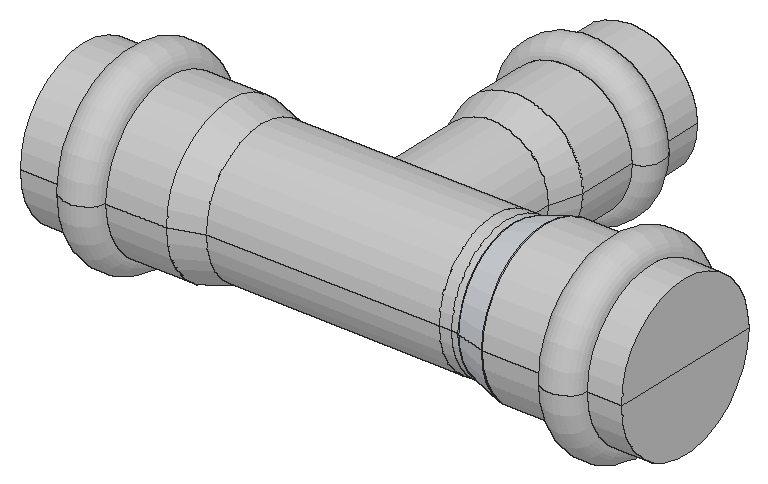
Revit family "VTi.931.I_Фитинг_пресс-тройник_Нерж_VALTEC", category Соединительные детали трубопроводов, Revit 2023
Family settings
  Размер круглого соединителя = Использовать диаметр
  Тип детали = Тройник
  На основе рабочей плоскости = Нет
  Всегда вертикально = Да
  При загрузке вырезать с полостями = Нет
  Общий = Нет
Parameters
  Отметка по умолчанию = 0.00 mm
  l9 [instance] = size_lookup(LT, "l9", 10.12 mm, dn1, dn2, dn3)  # 9.70 mm
  l8 [instance] = size_lookup(LT, "l8", 3.85 mm, dn1, dn2, dn3)  # 5.00 mm
  l7 [instance] = size_lookup(LT, "l7", 2.97 mm, dn1, dn2, dn3)  # 1.10 mm
  l6 [instance] = size_lookup(LT, "l6", 2.00 mm, dn1, dn2, dn3)  # 2.00 mm
  l5 [instance] = size_lookup(LT, "l5", 18.00 mm, dn1, dn2, dn3)  # 37.00 mm
  l4 [instance] = size_lookup(LT, "l4", 3.85 mm, dn1, dn2, dn3)  # 5.00 mm
  l3 [instance] = size_lookup(LT, "l3", 10.12 mm, dn1, dn2, dn3)  # 9.70 mm
  l2 [instance] = size_lookup(LT, "l2", 6.50 mm, dn1, dn2, dn3)  # 7.00 mm
  l14 [instance] = size_lookup(LT, "l14", 5.00 mm, dn1, dn2, dn3)  # 5.00 mm
  l13 [instance] = size_lookup(LT, "l13", 9.20 mm, dn1, dn2, dn3)  # 9.70 mm
  l12 [instance] = size_lookup(LT, "l12", 8.00 mm, dn1, dn2, dn3)  # 6.00 mm
  l11 [instance] = size_lookup(LT, "l11", 6.00 mm, dn1, dn2, dn3)  # 7.00 mm
  l10 [instance] = size_lookup(LT, "l10", 6.50 mm, dn1, dn2, dn3)  # 7.00 mm
  l1 [instance] = size_lookup(LT, "l1", 6.75 mm, dn1, dn2, dn3)  # 6.50 mm
  h_выступа_3 [instance] = size_lookup(LT, "h_выступа_3", 2.50 mm, dn1, dn2, dn3)  # 2.50 mm
  h_выступа_2 [instance] = size_lookup(LT, "h_выступа_2", 2.50 mm, dn1, dn2, dn3)  # 2.90 mm
  h_выступа_1 [instance] = size_lookup(LT, "h_выступа_1", 2.50 mm, dn1, dn2, dn3)  # 2.90 mm
  dn3 [instance] = 18 mm
  dn2 [instance] = 22 mm
  dn1 [instance] = 22 mm
  d6 [instance] = size_lookup(LT, "d6", 12.40 mm, dn1, dn2, dn3)  # 18.00 mm
  d5 [instance] = size_lookup(LT, "d5", 14.90 mm, dn1, dn2, dn3)  # 22.00 mm
  d4 [instance] = size_lookup(LT, "d4", 14.90 mm, dn1, dn2, dn3)  # 22.00 mm
  d3 [instance] = size_lookup(LT, "d3", 14.70 mm, dn1, dn2, dn3)  # 21.00 mm
  d2 [instance] = size_lookup(LT, "d2", 17.70 mm, dn1, dn2, dn3)  # 25.20 mm
  d1 [instance] = size_lookup(LT, "d1", 17.70 mm, dn1, dn2, dn3)  # 25.20 mm
  LT = "VTi.931.I_Фитинг_пресс-тройник_Нерж_VALTEC"  # constant formula
  L2 [instance] = size_lookup(LT, "L2", 38.00 mm, dn1, dn2, dn3)  # 49.00 mm
  L1 [instance] = size_lookup(LT, "L1", 77.40 mm, dn1, dn2, dn3)  # 95.50 mm
  ADSK_Примечание [instance] = ""
  ADSK_Позиция [instance] = ""
  ADSK_Обозначение [instance] = ADSK_Марка  # "VTi.931.I.221822"
  ADSK_Наименование [instance] = size_lookup(LT, "", "Типоразмер не найден", dn1, dn2, dn3)  # "Фитинг из нержавеющей стали -  пресс-тройник 22х18х22 мм"
  ADSK_Материал = Сталь, нержавеющая - VALTEC
  ADSK_Масса [instance] = size_lookup(LT, "ADSK_Масса", 0, dn1, dn2, dn3)  # 0.108
  ADSK_Марка [instance] = size_lookup(LT, "ADSK_Марка", "Типоразмер не найден", dn1, dn2, dn3)  # "VTi.931.I.221822"
  ADSK_Количество = 1  # constant formula
  ADSK_Код изделия [instance] = "VTi.931.I"  # constant formula
  ADSK_Завод-изготовитель [instance] = "VALTEC"  # constant formula
  ADSK_Единица измерения = "шт."  # constant formula
Reference planes
  plane 1 "По центру (Вперед/Назад)": y = 0
  plane 2: z = 0
  plane 3 "По центру (Влево/Вправо)": x = 0
  plane 4: y = 12.6
  plane 5: y = -12.6
  plane 6: x = -47.75
  plane 7: x = 47.75
  plane 8: x = -41.25
  plane 9: x = -34.25
  plane 10: x = -24.55
  plane 11: x = -19.55
  plane 12: x = 17.45
  plane 13: x = 19.45
  plane 14: x = 20.55
  plane 15: x = 25.55
  plane 16: x = 35.25
  plane 17: x = 42.25
  plane 18: y = 49
  plane 19: y = 42
  plane 20: y = 36
  plane 21: y = 26.3
  plane 22: y = 21.3
  plane 23: y = 12.6
  plane 24: y = -12.6
  plane 25: x = -10.5
  plane 26: x = 10.5
Forms (mm)
  Revolve 1, solid, material "Сталь, нержавеющая - VALTEC" <- "ADSK_Материал"
    sketch origin (0, 0, 0) x (1, 0, 0) y (0, 1, 0)
      loop
        line (-47.75, 0) -> (-24.55, 0) -> (-24.55, 12.6) -> (-34.25, 12.6)
        spline (-34.25, 12.6) -> (-34.369, 13.351) -> (-34.719, 14.05) -> (-35.275, 14.651) -> (-36, 15.111) -> (-36.844, 15.401) -> (-37.75, 15.5) -> (-38.656, 15.401) -> (-39.5, 15.111) -> (-40.225, 14.651) -> (-40.781, 14.05) -> (-41.131, 13.351) -> (-41.25, 12.6)
        line (-41.25, 12.6) -> (-47.75, 12.6) -> (-47.75, 0)
      axis (-47.75, 0) -> (-24.55, 0)
    angle from 0 to 360
  Revolve 2, solid, material "Сталь, нержавеющая - VALTEC" <- "ADSK_Материал"
    sketch origin (0, 0, 0) x (1, 0, 0) y (0, 1, 0)
      loop
        line (47.75, 0) -> (47.75, 12.6) -> (42.25, 12.6)
        spline (42.25, 12.6) -> (42.131, 13.351) -> (41.781, 14.05) -> (41.225, 14.651) -> (40.5, 15.111) -> (39.656, 15.401) -> (38.75, 15.5) -> (37.844, 15.401) -> (37, 15.111) -> (36.275, 14.651) -> (35.719, 14.05) -> (35.369, 13.351) -> (35.25, 12.6)
        line (35.25, 12.6) -> (25.55, 12.6) -> (25.55, 0) -> (47.75, 0)
      axis (25.55, 0) -> (47.75, 0)
    angle from 0 to 360
  Revolve 3, solid, material "Сталь, нержавеющая - VALTEC" <- "ADSK_Материал"
    sketch origin (0, 0, 0) x (1, 0, 0) y (0, 1, 0)
      loop
        line (0, 49) -> (-10.5, 49) -> (-10.5, 42)
        spline (-10.5, 42) -> (-11.147, 41.898) -> (-11.75, 41.598) -> (-12.268, 41.121) -> (-12.665, 40.5) -> (-12.915, 39.776) -> (-13, 39) -> (-12.915, 38.224) -> (-12.665, 37.5) -> (-12.268, 36.879) -> (-11.75, 36.402) -> (-11.147, 36.102) -> (-10.5, 36)
        line (-10.5, 36) -> (-10.5, 26.3) -> (0, 26.3) -> (0, 49)
      axis (0, 49) -> (0, 26.3)
    angle from 0 to 360
  SweptBlend 4, solid, material "Сталь, нержавеющая - VALTEC" <- "ADSK_Материал"
    path in 3D
      loop
        line (-24.55, 0, 0) -> (-19.55, 0, 0)
    profile origin (-24.55, 0, 0) x (0, 1, 0) y (0, 0, 1)
      loop
        circle (0, 0) r 12.6
    end profile origin (-19.55, 0, 0) x (0, 1, 0) y (0, 0, 1)
      loop
        circle (0, 0) r 11
  Sweep 5, solid, material "Сталь, нержавеющая - VALTEC" <- "ADSK_Материал"
    path in 3D
      loop
        line (-19.55, 0, 0) -> (17.45, 0, 0)
    profile origin (-1.05, 0, 0) x (0, 1, 0) y (0, 0, 1)
      loop
        circle (0, 0) r 11
  SweptBlend 6, solid, material "Сталь, нержавеющая - VALTEC" <- "ADSK_Материал"
    path in 3D
      loop
        line (17.45, 0, 0) -> (19.45, 0, 0)
    profile origin (17.45, 0, 0) x (0, 1, 0) y (0, 0, 1)
      loop
        circle (0, 0) r 11
    end profile origin (19.45, 0, 0) x (0, 1, 0) y (0, 0, 1)
      loop
        circle (0, 0) r 11
  Sweep 7, solid, material "Сталь, нержавеющая - VALTEC" <- "ADSK_Материал"
    path in 3D
      loop
        line (19.45, 0, 0) -> (20.55, 0, 0)
    profile origin (20, 0, 0) x (0, 1, 0) y (0, 0, 1)
      loop
        circle (0, 0) r 11
  SweptBlend 8, solid
    path in 3D
      loop
        line (20.55, 0, 0) -> (25.55, 0, 0)
    profile origin (20.55, 0, 0) x (0, 1, 0) y (0, 0, 1)
      loop
        circle (0, 0) r 11
    end profile origin (25.55, 0, 0) x (0, 1, 0) y (0, 0, 1)
      loop
        circle (0, 0) r 12.6
  SweptBlend 9, solid, material "Сталь, нержавеющая - VALTEC" <- "ADSK_Материал"
    path in 3D
      loop
        line (0, 26.3, 0) -> (0, 21.3, 0)
    profile origin (0, 26.3, 0) x (1, 0, 0) y (0, 0, 1)
      loop
        circle (0, 0) r 10.5
    end profile origin (0, 21.3, 0) x (1, 0, 0) y (0, 0, 1)
      loop
        circle (0, 0) r 9
  Sweep 10, solid, material "Сталь, нержавеющая - VALTEC" <- "ADSK_Материал"
    path in 3D
      loop
        line (0, 21.3, 0) -> (0, 0, 0)
    profile origin (0, 10.65, 0) x (1, 0, 0) y (0, 0, 1)
      loop
        circle (0, 0) r 9
Cuts and joins
  joined: Revolve 1, Revolve 2, Revolve 3, SweptBlend 4, Sweep 5, SweptBlend 6, Sweep 7, SweptBlend 9, Sweep 10
Lines and regions (mm)
  model lines
    curve 1: line (-47.75, 0, 0) -> (-24.55, 0, 0)
    curve 2: line (-24.55, 0, 0) -> (-19.55, 0, 0)
    curve 3: line (-19.55, 0, 0) -> (17.45, 0, 0)
    curve 4: line (17.45, 0, 0) -> (19.45, 0, 0)
    curve 5: line (19.45, 0, 0) -> (20.55, 0, 0)
    curve 6: line (20.55, 0, 0) -> (25.55, 0, 0)
    curve 7: line (25.55, 0, 0) -> (47.75, 0, 0)
    curve 8: line (0, 49, 0) -> (0, 26.3, 0)
    curve 9: line (0, 26.3, 0) -> (0, 21.3, 0)
    curve 10: line (0, 21.3, 0) -> (0, 0, 0)
  sketch lines
    curve 11: line (-24.55, 0, 0) -> (-19.55, 0, 0)
    curve 12: line (-19.55, 0, 0) -> (17.45, 0, 0)
    curve 13: line (17.45, 0, 0) -> (19.45, 0, 0)
    curve 14: line (19.45, 0, 0) -> (20.55, 0, 0)
    curve 15: line (20.55, 0, 0) -> (25.55, 0, 0)
    curve 16: line (0, 26.3, 0) -> (0, 21.3, 0)
    curve 17: line (0, 21.3, 0) -> (0, 0, 0)
Dimensions and locks
  equal spacing: plane 5, plane 1 "По центру (Вперед/Назад)", plane 4
  "d1": plane 5 to plane 4
  equal spacing: plane 6, plane 3 "По центру (Влево/Вправо)", plane 7
  "L1": plane 6 to plane 7
  "l1": plane 6 to plane 8
  "l2": plane 8 to plane 9
  "l3": plane 9 to plane 10
  "l4": plane 10 to plane 11
  "l5": plane 11 to plane 12
  "l6": plane 12 to plane 13
  "l7": plane 13 to plane 14
  "l8": plane 14 to plane 15
  "l9": plane 15 to plane 16
  "l10": plane 16 to plane 17
  "L2": plane 1 "По центру (Вперед/Назад)" to plane 18
  equal spacing: plane 23, plane 1 "По центру (Вперед/Назад)", plane 24
  "d2": plane 23 to plane 24
  equal spacing: plane 25, plane 3 "По центру (Влево/Вправо)", plane 26
  "d3": plane 25 to plane 26
  "l11": plane 18 to plane 19
  "l12": plane 19 to plane 20
  "l13": plane 20 to plane 21
  "l14": plane 21 to plane 22
  "h_выступа_1": Revolve 1 sketch curve to Revolve 1 sketch curve
  "h_выступа_2": Revolve 2 sketch curve to Revolve 2 sketch curve
  "h_выступа_3": Revolve 3 sketch curve to Revolve 3 sketch curve
  plane 17 to plane 7 = 5.50 mm
  "d1": diameter of SweptBlend 4 sketch curve
  "d4": diameter of SweptBlend 4 sketch curve
  "d4": diameter of Sweep 5 sketch curve
  "d4": diameter of SweptBlend 6 sketch curve
  "d5": diameter of SweptBlend 6 sketch curve
  "d5": diameter of Sweep 7 sketch curve
  "d5": diameter of SweptBlend 8 sketch curve
  "d2": diameter of SweptBlend 8 sketch curve
  "d3": diameter of SweptBlend 9 sketch curve
  "d6": diameter of SweptBlend 9 sketch curve
  "d6": diameter of Sweep 10 sketch curve
  aligned and locked: level to plane 2
  aligned and locked: plane 6 to curve 1
  aligned and locked: plane 1 "По центру (Вперед/Назад)" to curve 1
  aligned and locked: plane 10 to curve 2
  aligned and locked: plane 1 "По центру (Вперед/Назад)" to curve 2
  aligned and locked: plane 11 to curve 3
  aligned and locked: plane 1 "По центру (Вперед/Назад)" to curve 3
  aligned and locked: plane 12 to curve 4
  aligned and locked: plane 13 to curve 4
  aligned and locked: plane 1 "По центру (Вперед/Назад)" to curve 4
  aligned and locked: plane 1 "По центру (Вперед/Назад)" to curve 5
  aligned and locked: plane 14 to curve 6
  aligned and locked: plane 15 to curve 6
  aligned and locked: plane 1 "По центру (Вперед/Назад)" to curve 6
  aligned and locked: plane 7 to curve 7
  aligned and locked: plane 1 "По центру (Вперед/Назад)" to curve 7
  aligned and locked: plane 18 to curve 8
  aligned and locked: curve 8 to plane 3 "По центру (Влево/Вправо)"
  aligned and locked: plane 21 to curve 9
  aligned and locked: plane 22 to curve 9
  aligned and locked: curve 10 to plane 3 "По центру (Влево/Вправо)"
  aligned and locked: plane 4 to Revolve 1 sketch curve  (x2)
  aligned and locked: Revolve 1 sketch curve to plane 6
  aligned and locked: plane 10 to Revolve 1 sketch curve
  aligned and locked: Revolve 1 sketch curve to plane 1 "По центру (Вперед/Назад)"
  aligned and locked: plane 1 "По центру (Вперед/Назад)" to Revolve 1 sketch curve
  aligned and locked: plane 1 "По центру (Вперед/Назад)" to Revolve 2 sketch curve  (x2)
  aligned and locked: plane 23 to Revolve 2 sketch curve
  aligned and locked: Revolve 2 sketch curve to plane 23
  aligned and locked: Revolve 2 sketch curve to plane 15
  aligned and locked: Revolve 2 sketch curve to plane 7
  aligned and locked: Revolve 3 sketch curve to curve 8
  aligned and locked: Revolve 3 sketch curve to plane 21
  aligned and locked: plane 25 to Revolve 3 sketch curve  (x2)
  aligned and locked: plane 18 to Revolve 3 sketch curve
Automatic sketch dimensions
  plane 1 "По центру (Вперед/Назад)" to curve 10 = 0.00 mm
  Revolve 1 sketch curve to plane 6 = 0.00 mm
  Revolve 1 sketch curve to plane 8 = 0.00 mm
  Revolve 1 sketch curve to plane 9 = 0.00 mm
  Revolve 1 sketch curve to plane 10 = 0.00 mm
  Revolve 2 sketch curve to plane 15 = 0.00 mm
  Revolve 2 sketch curve to plane 16 = 0.00 mm
  Revolve 2 sketch curve to plane 17 = 0.00 mm
  Revolve 2 sketch curve to plane 7 = 0.00 mm
  Revolve 3 sketch curve to plane 3 "По центру (Влево/Вправо)" = 0.00 mm
  Revolve 3 sketch curve to plane 21 = 0.00 mm
  Revolve 3 sketch curve to plane 20 = 0.00 mm
  Revolve 3 sketch curve to plane 19 = 0.00 mm
  Revolve 3 sketch curve to plane 18 = 0.00 mm
  SweptBlend 4 sketch curve to profile plane = 0.00 mm  (x4)
  Sweep 5 sketch curve to profile plane = 0.00 mm  (x2)
  SweptBlend 6 sketch curve to profile plane = 0.00 mm  (x4)
  Sweep 7 sketch curve to profile plane = 0.00 mm  (x2)
  SweptBlend 8 sketch curve to profile plane = 0.00 mm  (x4)
  profile plane to SweptBlend 9 sketch curve = 0.00 mm  (x2)
  SweptBlend 9 sketch curve to profile plane = 0.00 mm  (x2)
  profile plane to Sweep 10 sketch curve = 0.00 mm
  Sweep 10 sketch curve to profile plane = 0.00 mm
Connectors
  piping at (-47.75, 0, 0), diameter 22, driven by "dn1"
    settings: on cut or joined group of Revolve 1, Revolve 2, Revolve 3, SweptBlend 4, Sweep 5, SweptBlend 6, Sweep 7, SweptBlend 9, Sweep 10, index 1, connector inside diameter 609.6 mm, connector length 0.00 mm, flow factor 0, pipe flow 0.0 L/s, pressure drop 0.0 Pa, fitting loss kfactor 0, connector angle 0.00°, fixture units 0, engagement length 0.00 mm, angle of deflection 0.00°, flow configuration 0, flow direction 0, fitting loss method 0, system type 28, joint type 0, gender type 0, connector reference index 2, connector utility 0, adjustable connector no, is connector primary yes, connector description ""
  piping at (47.75, 0, 0), diameter 22, driven by "dn2"
    settings: on cut or joined group of Revolve 1, Revolve 2, Revolve 3, SweptBlend 4, Sweep 5, SweptBlend 6, Sweep 7, SweptBlend 9, Sweep 10, index 2, connector inside diameter 609.6 mm, connector length 0.00 mm, flow factor 0, pipe flow 0.0 L/s, pressure drop 0.0 Pa, fitting loss kfactor 0, connector angle 0.00°, fixture units 0, engagement length 0.00 mm, angle of deflection 0.00°, flow configuration 0, flow direction 0, fitting loss method 0, system type 28, joint type 0, gender type 0, connector reference index 1, connector utility 0, adjustable connector no, is connector primary no, connector description ""
  piping at (0, 49, 0), diameter 18, driven by "dn3"
    settings: on cut or joined group of Revolve 1, Revolve 2, Revolve 3, SweptBlend 4, Sweep 5, SweptBlend 6, Sweep 7, SweptBlend 9, Sweep 10, index 3, connector inside diameter 609.6 mm, connector length 0.00 mm, flow factor 0, pipe flow 0.0 L/s, pressure drop 0.0 Pa, fitting loss kfactor 0, connector angle 0.00°, fixture units 0, engagement length 0.00 mm, angle of deflection 0.00°, flow configuration 0, flow direction 0, fitting loss method 0, system type 28, joint type 0, gender type 0, connector reference index -1, connector utility 0, adjustable connector no, is connector primary no, connector description ""
Types in the file's own list only (21): name | Отметка по умолчанию
  Фитинг из нержавеющей стали -  пресс-тройник 15х12х15 мм | 0.00 мм
  Фитинг из нержавеющей стали -  пресс-тройник 15х15х15 мм | 0.00 мм
  Фитинг из нержавеющей стали -  пресс-тройник 18х15х18 мм | 0.00 мм
  Фитинг из нержавеющей стали -  пресс-тройник 18х18х18 мм | 0.00 мм
  Фитинг из нержавеющей стали -  пресс-тройник 22х15х22 мм | 0.00 мм
  Фитинг из нержавеющей стали -  пресс-тройник 22х18х22 мм | 0.00 мм
  Фитинг из нержавеющей стали -  пресс-тройник 22х22х22 мм | 0.00 мм
  Фитинг из нержавеющей стали -  пресс-тройник 28х15х28 мм | 0.00 мм
  Фитинг из нержавеющей стали -  пресс-тройник 28х22х22 мм | 0.00 мм
  Фитинг из нержавеющей стали -  пресс-тройник 28х28х22 мм | 0.00 мм
  Фитинг из нержавеющей стали -  пресс-тройник 28х22х28 мм | 0.00 мм
  Фитинг из нержавеющей стали -  пресс-тройник 28х28х28 мм | 0.00 мм
  Фитинг из нержавеющей стали -  пресс-тройник 35х22х35 мм | 0.00 мм
  Фитинг из нержавеющей стали -  пресс-тройник 35х35х35 мм | 0.00 мм
  Фитинг из нержавеющей стали -  пресс-тройник 35х15х35 мм | 0.00 мм
  Фитинг из нержавеющей стали -  пресс-тройник 35х28х35 мм | 0.00 мм
  Фитинг из нержавеющей стали -  пресс-тройник 42х35х42 мм | 0.00 мм
  Фитинг из нержавеющей стали -  пресс-тройник 42х42х42 мм | 0.00 мм
  Фитинг из нержавеющей стали -  пресс-тройник 54х42х54 мм | 0.00 мм
  Фитинг из нержавеющей стали -  пресс-тройник 54х54х54 мм | 0.00 мм
  Фитинг из нержавеющей стали -  пресс-тройник 76х54х76 мм | 0.00 мм
